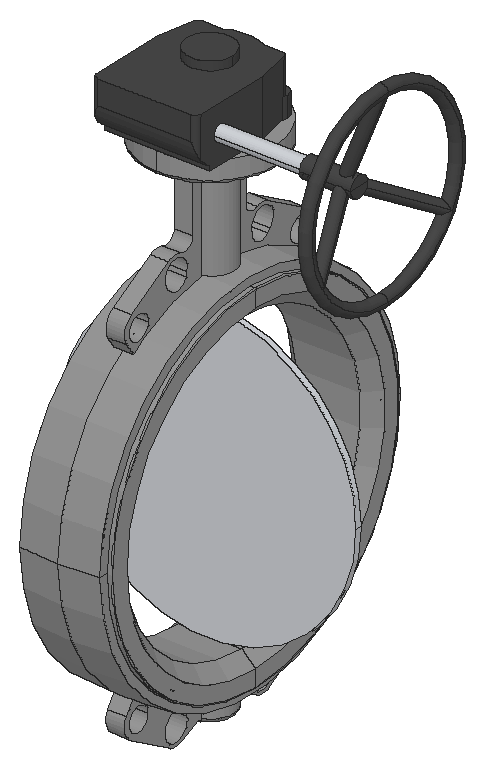
Revit family "Запорно-регулирующая заслонка с ручным редукторным приводом ZF-4219", category Rohrzubehör, Revit 2020 (continued)
Automatic sketch dimensions
  Extrusion 8 sketch curve to Extrusion 8 sketch curve = 29.859 mm
  Extrusion 8 sketch curve to Extrusion 8 sketch curve = 11.576 mm
  Extrusion 8 sketch curve to Extrusion 8 sketch curve = 0.007 mm  (x2)
  Extrusion 8 sketch curve to Extrusion 8 sketch curve = 11.662 mm  (x2)
  Extrusion 8 sketch curve to Extrusion 8 sketch curve = 7.405 mm
  Extrusion 8 sketch curve to Extrusion 8 sketch curve = 9.76 mm  (x2)
  Extrusion 8 sketch curve to Extrusion 8 sketch curve = 46.144 mm
  Extrusion 8 sketch curve to Extrusion 8 sketch curve = 0.006 mm
  Extrusion 8 sketch curve to Extrusion 8 sketch curve = 0.159 mm  (x2)
  Extrusion 8 sketch curve to Extrusion 8 sketch curve = 0.225 mm  (x2)
  Extrusion 8 sketch curve to Extrusion 8 sketch curve = 3.156 mm
  Extrusion 7 sketch curve to Extrusion 7 sketch curve = 0 mm  (x29)
  Extrusion 7 sketch curve to level = 0 mm
  Extrusion 7 sketch curve to plane 1 "Mitte (Vorne/hinten)" = 0 mm
  Extrusion 7 sketch curve to Extrusion 7 sketch curve = 4.987 mm  (x2)
  plane 1 "Mitte (Vorne/hinten)" to Extrusion 7 sketch curve = 42.642 mm
  Extrusion 7 sketch curve to Extrusion 7 sketch curve = 3.28 mm  (x2)
  Extrusion 7 sketch curve to Extrusion 7 sketch curve = 14.935 mm  (x2)
  Extrusion 7 sketch curve to Extrusion 7 sketch curve = 11.589 mm  (x2)
  Extrusion 7 sketch curve to Extrusion 7 sketch curve = 14.868 mm  (x2)
  Extrusion 7 sketch curve to Extrusion 7 sketch curve = 33.628 mm  (x4)
  Extrusion 7 sketch curve to Extrusion 7 sketch curve = 3.946 mm  (x4)
  Extrusion 7 sketch curve to Extrusion 7 sketch curve = 12.021 mm  (x8)
  Extrusion 7 sketch curve to Extrusion 7 sketch curve = 8.075 mm  (x8)
  plane 1 "Mitte (Vorne/hinten)" to Extrusion 7 sketch curve = 21.03 mm
  Extrusion 7 sketch curve to Extrusion 7 sketch curve = 5.5 mm
  Extrusion 7 sketch curve to Extrusion 7 sketch curve = 0.54 mm  (x2)
  Extrusion 7 sketch curve to Extrusion 7 sketch curve = 0.103 mm
  Extrusion 7 sketch curve to Extrusion 7 sketch curve = 1.99 mm  (x2)
  plane 1 "Mitte (Vorne/hinten)" to Extrusion 7 sketch curve = 18.5 mm
  Extrusion 7 sketch curve to plane 1 "Mitte (Vorne/hinten)" = 18.5 mm  (x2)
  Extrusion 7 sketch curve to Extrusion 7 sketch curve = 1.897 mm
  Extrusion 7 sketch curve to Extrusion 7 sketch curve = 2 mm
  Extrusion 7 sketch curve to Extrusion 7 sketch curve = 21.612 mm
  Extrusion 7 sketch curve to level = 59.454 mm  (x2)
  Extrusion 7 sketch curve to Extrusion 7 sketch curve = 10.049 mm  (x4)
  Extrusion 7 sketch curve to Extrusion 7 sketch curve = 20.666 mm  (x2)
  Extrusion 7 sketch curve to Extrusion 7 sketch curve = 1.725 mm  (x2)
  Extrusion 7 sketch curve to Extrusion 7 sketch curve = 12.438 mm  (x4)
  level to Extrusion 7 sketch curve = 59.454 mm  (x2)
  Extrusion 7 sketch curve to Extrusion 7 sketch curve = 15.768 mm  (x2)
  Extrusion 7 sketch curve to Extrusion 7 sketch curve = 0.361 mm  (x2)
  Extrusion 7 sketch curve to Extrusion 7 sketch curve = 69.242 mm
  Extrusion 7 sketch curve to Extrusion 7 sketch curve = 0.014 mm
  Extrusion 7 sketch curve to Extrusion 7 sketch curve = 0.29 mm  (x2)
  Extrusion 6 sketch curve to Extrusion 6 sketch curve = 0 mm  (x31)
  Extrusion 6 sketch curve to level = 0 mm
  Extrusion 6 sketch curve to plane 1 "Mitte (Vorne/hinten)" = 0 mm
  plane 1 "Mitte (Vorne/hinten)" to Extrusion 6 sketch curve = 18.5 mm  (x2)
  Extrusion 6 sketch curve to Extrusion 6 sketch curve = 1.897 mm  (x2)
  Extrusion 6 sketch curve to Extrusion 6 sketch curve = 2 mm
  Extrusion 6 sketch curve to Extrusion 6 sketch curve = 4.154 mm  (x2)
  Extrusion 6 sketch curve to Extrusion 6 sketch curve = 5.603 mm
  Extrusion 6 sketch curve to Extrusion 6 sketch curve = 12 mm  (x2)
  Extrusion 6 sketch curve to Extrusion 6 sketch curve = 21.682 mm  (x2)
  Extrusion 6 sketch curve to Extrusion 6 sketch curve = 2.182 mm  (x2)
  Extrusion 6 sketch curve to Extrusion 6 sketch curve = 11.109 mm  (x4)
  Extrusion 6 sketch curve to Extrusion 6 sketch curve = 30.529 mm  (x4)
  Extrusion 6 sketch curve to Extrusion 6 sketch curve = 4.781 mm  (x4)
  Extrusion 6 sketch curve to Extrusion 6 sketch curve = 1.414 mm  (x8)
  Extrusion 6 sketch curve to Extrusion 6 sketch curve = 7.24 mm  (x8)
  Extrusion 6 sketch curve to Extrusion 6 sketch curve = 12.021 mm  (x8)
  Extrusion 6 sketch curve to plane 1 "Mitte (Vorne/hinten)" = 18.5 mm
  Extrusion 6 sketch curve to Extrusion 6 sketch curve = 7.5 mm
  Extrusion 6 sketch curve to Extrusion 6 sketch curve = 0.103 mm
  Extrusion 6 sketch curve to level = 50.036 mm  (x2)
  Extrusion 6 sketch curve to Extrusion 6 sketch curve = 17.112 mm  (x2)
  Extrusion 6 sketch curve to Extrusion 6 sketch curve = 9.185 mm  (x4)
  Extrusion 6 sketch curve to Extrusion 6 sketch curve = 20.608 mm  (x2)
  Extrusion 6 sketch curve to Extrusion 6 sketch curve = 12.868 mm  (x3)
  Extrusion 6 sketch curve to Extrusion 6 sketch curve = 9.096 mm  (x2)
  level to Extrusion 6 sketch curve = 50.036 mm  (x2)
  Extrusion 6 sketch curve to Extrusion 6 sketch curve = 17 mm
  Extrusion 6 sketch curve to Extrusion 6 sketch curve = 56.845 mm
  Extrusion 6 sketch curve to Extrusion 6 sketch curve = 0.017 mm
  Extrusion 6 sketch curve to Extrusion 6 sketch curve = 0.29 mm  (x2)
  Extrusion 5 sketch curve to Extrusion 5 sketch curve = 0 mm  (x25)
  Extrusion 5 sketch curve to level = 0 mm
  Extrusion 5 sketch curve to plane 1 "Mitte (Vorne/hinten)" = 0 mm
  plane 1 "Mitte (Vorne/hinten)" to Extrusion 5 sketch curve = 18.5 mm  (x2)
  Extrusion 5 sketch curve to Extrusion 5 sketch curve = 0.579 mm  (x2)
  Extrusion 5 sketch curve to Extrusion 5 sketch curve = 1.897 mm  (x2)
  Extrusion 5 sketch curve to Extrusion 5 sketch curve = 0.103 mm
  Extrusion 5 sketch curve to Extrusion 5 sketch curve = 5.603 mm
  Extrusion 5 sketch curve to Extrusion 5 sketch curve = 15.942 mm  (x4)
  Extrusion 5 sketch curve to Extrusion 5 sketch curve = 13 mm  (x2)
  Extrusion 5 sketch curve to Extrusion 5 sketch curve = 11.367 mm  (x4)
  Extrusion 5 sketch curve to Extrusion 5 sketch curve = 25.663 mm  (x4)
  Extrusion 5 sketch curve to Extrusion 5 sketch curve = 4.027 mm  (x4)
  Extrusion 5 sketch curve to Extrusion 5 sketch curve = 12.021 mm  (x5)
  Extrusion 5 sketch curve to Extrusion 5 sketch curve = 9.55 mm  (x4)
  Extrusion 5 sketch curve to Extrusion 5 sketch curve = 7.5 mm
  Extrusion 5 sketch curve to plane 1 "Mitte (Vorne/hinten)" = 18.5 mm  (x2)
  Extrusion 5 sketch curve to Extrusion 5 sketch curve = 2 mm
  Extrusion 5 sketch curve to level = 38.887 mm  (x2)
  Extrusion 5 sketch curve to Extrusion 5 sketch curve = 10.986 mm  (x3)
  Extrusion 5 sketch curve to Extrusion 5 sketch curve = 10.231 mm  (x3)
  Extrusion 5 sketch curve to Extrusion 5 sketch curve = 10.467 mm  (x4)
  Extrusion 5 sketch curve to Extrusion 5 sketch curve = 12.18 mm  (x2)
  Extrusion 5 sketch curve to Extrusion 5 sketch curve = 12.641 mm  (x4)
  Extrusion 5 sketch curve to Extrusion 5 sketch curve = 9.983 mm  (x2)
  level to Extrusion 5 sketch curve = 38.887 mm  (x2)
  Extrusion 5 sketch curve to Extrusion 5 sketch curve = 21.217 mm
  Extrusion 5 sketch curve to Extrusion 5 sketch curve = 16.969 mm  (x2)
  Extrusion 5 sketch curve to Extrusion 5 sketch curve = 51.117 mm
  Extrusion 5 sketch curve to Extrusion 5 sketch curve = 0.01 mm
  Extrusion 5 sketch curve to Extrusion 5 sketch curve = 0.29 mm  (x2)
  level to Extrusion 5 sketch curve = 49.873 mm
  Extrusion 4 sketch curve to Extrusion 4 sketch curve = 0 mm  (x28)
  Extrusion 4 sketch curve to level = 0 mm
  Extrusion 4 sketch curve to plane 1 "Mitte (Vorne/hinten)" = 0 mm
  plane 1 "Mitte (Vorne/hinten)" to Extrusion 4 sketch curve = 18.5 mm  (x2)
  Extrusion 4 sketch curve to Extrusion 4 sketch curve = 1.897 mm  (x2)
  Extrusion 4 sketch curve to Extrusion 4 sketch curve = 0.103 mm  (x2)
  Extrusion 4 sketch curve to Extrusion 4 sketch curve = 5.603 mm  (x2)
  Extrusion 4 sketch curve to Extrusion 4 sketch curve = 12.115 mm  (x4)
  Extrusion 4 sketch curve to Extrusion 4 sketch curve = 9 mm  (x2)
  Extrusion 4 sketch curve to Extrusion 4 sketch curve = 11.39 mm  (x2)
  Extrusion 4 sketch curve to Extrusion 4 sketch curve = 7.005 mm  (x2)
  Extrusion 4 sketch curve to Extrusion 4 sketch curve = 22.772 mm  (x4)
  Extrusion 4 sketch curve to Extrusion 4 sketch curve = 4.597 mm  (x4)
  Extrusion 4 sketch curve to Extrusion 4 sketch curve = 1.485 mm  (x4)
  Extrusion 4 sketch curve to Extrusion 4 sketch curve = 12.021 mm  (x4)
  Extrusion 4 sketch curve to Extrusion 4 sketch curve = 9.247 mm  (x4)
  Extrusion 4 sketch curve to plane 1 "Mitte (Vorne/hinten)" = 18.5 mm  (x2)
  Extrusion 4 sketch curve to level = 31.935 mm  (x2)
  Extrusion 4 sketch curve to Extrusion 4 sketch curve = 1.34 mm  (x4)
  Extrusion 4 sketch curve to Extrusion 4 sketch curve = 10.245 mm  (x4)
  Extrusion 4 sketch curve to Extrusion 4 sketch curve = 9.866 mm  (x4)
  Extrusion 4 sketch curve to Extrusion 4 sketch curve = 9.447 mm  (x4)
  Extrusion 4 sketch curve to Extrusion 4 sketch curve = 11.077 mm  (x4)
  Extrusion 4 sketch curve to Extrusion 4 sketch curve = 11.926 mm  (x2)
  level to Extrusion 4 sketch curve = 31.935 mm  (x2)
  Extrusion 4 sketch curve to Extrusion 4 sketch curve = 12.62 mm  (x2)
  Extrusion 4 sketch curve to Extrusion 4 sketch curve = 12.99 mm  (x2)
  Extrusion 4 sketch curve to Extrusion 4 sketch curve = 41.354 mm
  Extrusion 4 sketch curve to Extrusion 4 sketch curve = 0.018 mm
  Extrusion 4 sketch curve to Extrusion 4 sketch curve = 0.29 mm  (x2)
  Extrusion 3 sketch curve to Extrusion 3 sketch curve = 0 mm  (x23)
  Extrusion 3 sketch curve to level = 0 mm
  Extrusion 3 sketch curve to plane 1 "Mitte (Vorne/hinten)" = 0 mm
  plane 1 "Mitte (Vorne/hinten)" to Extrusion 3 sketch curve = 18 mm
  Extrusion 3 sketch curve to Extrusion 3 sketch curve = 1.897 mm  (x2)
  Extrusion 3 sketch curve to Extrusion 3 sketch curve = 0.103 mm  (x2)
  plane 1 "Mitte (Vorne/hinten)" to Extrusion 3 sketch curve = 22.391 mm
  Extrusion 3 sketch curve to Extrusion 3 sketch curve = 1.414 mm  (x14)
  Extrusion 3 sketch curve to Extrusion 3 sketch curve = 6.103 mm  (x2)
  Extrusion 3 sketch curve to Extrusion 3 sketch curve = 2 mm  (x2)
  Extrusion 3 sketch curve to Extrusion 3 sketch curve = 7.709 mm  (x4)
  Extrusion 3 sketch curve to Extrusion 3 sketch curve = 13.318 mm  (x5)
  Extrusion 3 sketch curve to Extrusion 3 sketch curve = 15.842 mm  (x5)
  Extrusion 3 sketch curve to Extrusion 3 sketch curve = 10.233 mm
  Extrusion 3 sketch curve to Extrusion 3 sketch curve = 3.184 mm  (x7)
  Extrusion 3 sketch curve to Extrusion 3 sketch curve = 6.315 mm  (x8)
  Extrusion 3 sketch curve to Extrusion 3 sketch curve = 3.021 mm  (x4)
  Extrusion 3 sketch curve to Extrusion 3 sketch curve = 5.303 mm  (x8)
  Extrusion 3 sketch curve to level = 23.805 mm  (x2)
  Extrusion 3 sketch curve to Extrusion 3 sketch curve = 3.106 mm  (x6)
  level to Extrusion 3 sketch curve = 23.805 mm  (x2)
  Extrusion 3 sketch curve to Extrusion 3 sketch curve = 6.654 mm  (x4)
  Extrusion 3 sketch curve to Extrusion 3 sketch curve = 9.77 mm  (x4)
  Extrusion 3 sketch curve to plane 1 "Mitte (Vorne/hinten)" = 18 mm
  Extrusion 3 sketch curve to plane 1 "Mitte (Vorne/hinten)" = 22.391 mm
  Extrusion 3 sketch curve to Extrusion 3 sketch curve = 5.708 mm  (x2)
  Extrusion 3 sketch curve to Extrusion 3 sketch curve = 3.131 mm
  level to Extrusion 3 sketch curve = 42.831 mm
  Extrusion 3 sketch curve to Extrusion 3 sketch curve = 4.045 mm
  Extrusion 3 sketch curve to Extrusion 3 sketch curve = 12.379 mm
  Extrusion 3 sketch curve to Extrusion 3 sketch curve = 68.43 mm
  Extrusion 3 sketch curve to Extrusion 3 sketch curve = 0.003 mm
  Extrusion 3 sketch curve to Extrusion 3 sketch curve = 0.316 mm  (x2)
  curve 12 to level = 0 mm
  curve 12 to plane 3 "Mitte (Links/rechts)" = 0 mm
  plane 1 "Mitte (Vorne/hinten)" to curve 6 = 0 mm
  curve 6 to plane 3 "Mitte (Links/rechts)" = 0 mm
  Revolve 1 sketch curve to plane 1 "Mitte (Vorne/hinten)" = 0 mm
  Revolve 1 sketch curve to Revolve 1 sketch curve = 0.987 mm
  Revolve 1 sketch curve to Revolve 1 sketch curve = 1.5 mm  (x4)
  Revolve 1 sketch curve to Revolve 1 sketch curve = 0.513 mm
  Revolve 1 sketch curve to Revolve 1 sketch curve = 0.915 mm  (x2)
  Revolve 1 sketch curve to Revolve 1 sketch curve = 1978.5 mm  (x2)
  Revolve 11 sketch curve to plane 1 "Mitte (Vorne/hinten)" = 0 mm  (x2)
  Revolve 11 sketch curve to Revolve 11 sketch curve = 3 mm
  Revolve 11 sketch curve to Revolve 11 sketch curve = 459.992 mm
  level to Revolve 11 sketch curve = 2741.474 mm
  Revolve 12 sketch curve to plane 1 "Mitte (Vorne/hinten)" = 0 mm  (x3)
  Revolve 12 sketch curve to Revolve 12 sketch curve = 1.895 mm
  Revolve 12 sketch curve to Revolve 12 sketch curve = 2 mm  (x2)
  Revolve 12 sketch curve to Revolve 12 sketch curve = 0.105 mm
  Revolve 12 sketch curve to level = 520.992 mm
  Revolve 12 sketch curve to Revolve 12 sketch curve = 2616.474 mm
  Revolve 13 sketch curve to level = 0 mm
  Revolve 13 sketch curve to Revolve 13 sketch curve = 1.492 mm
  Revolve 13 sketch curve to Revolve 13 sketch curve = 0.18 mm  (x2)
  Revolve 13 sketch curve to Revolve 13 sketch curve = 5.027 mm
  Revolve 13 sketch curve to Revolve 13 sketch curve = 1 mm
  Revolve 13 sketch curve to Revolve 13 sketch curve = 0.999 mm  (x2)
  Revolve 13 sketch curve to Revolve 13 sketch curve = 0.27 mm
  Revolve 13 sketch curve to Revolve 13 sketch curve = 0.957 mm
  Revolve 13 sketch curve to Revolve 13 sketch curve = 1328.99 mm
  Revolve 13 sketch curve to Revolve 13 sketch curve = 1875.983 mm
  Extrusion 14 sketch curve to level = 0 mm
  Extrusion 14 sketch curve to plane 3 "Mitte (Links/rechts)" = 0 mm
  radius of Extrusion 10 sketch curve = 12 mm  (x4)
  radius of Extrusion 9 sketch curve = 9.5 mm  (x4)
  radius of Extrusion 9 sketch curve = 14 mm  (x4)
  radius of Extrusion 7 sketch curve = 11.5 mm  (x4)
  radius of Extrusion 7 sketch curve = 9.5 mm  (x4)
  radius of Extrusion 6 sketch curve = 9.5 mm  (x8)
  radius of Extrusion 5 sketch curve = 9.5 mm  (x8)
  radius of Extrusion 4 sketch curve = 9.5 mm  (x8)
  radius of curve 12 = 7 mm
  radius of curve 6 = 5 mm
Nested families
  nested 1: "Herz-Logo-vorne" at (-23, 0, 197.5), type "Herz-Logo-vorne"
  nested 2: "Getriebe für Klappe DN50-DN200" at (0, 0, 125), visible <- "DN 50", type "Getriebe für Klappe DN50-DN200"
  nested 3: "Getriebe für Klappe DN50-DN200" at (0, 0, 149.5), visible <- "DN 65", type "Getriebe für Klappe DN50-DN200"
  nested 4: "Getriebe für Klappe DN50-DN200" at (0, 0, 156.5), visible <- "DN 80", type "Getriebe für Klappe DN50-DN200"
  nested 5: "Getriebe für Klappe DN50-DN200" at (0, 0, 182), visible <- "DN100", type "Getriebe für Klappe DN50-DN200"
  nested 6: "Getriebe für Klappe DN50-DN200" at (0, 0, 201), visible <- "DN125", type "Getriebe für Klappe DN50-DN200"
  nested 7: "Getriebe für Klappe DN50-DN200" at (0, 0, 214), visible <- "DN150", type "Getriebe für Klappe DN50-DN200"
  nested 8: "Getriebe für Klappe DN50-DN200" at (0, 0, 245), visible <- "DN200", type "Getriebe für Klappe DN50-DN200"
  nested 9: "Getriebe für Klappe DN250-DN300" at (0, 0, 283), visible <- "DN250", type "Getriebe für Klappe DN250-DN300"
  nested 10: "Getriebe für Klappe DN250-DN300" at (0, 0, 308), visible <- "DN300", type "Getriebe für Klappe DN250-DN300"
Connectors
  piping at (44.7, 0, 0), diameter 300, driven by "Nennweite"
    settings: on Revolve 13, index 1, connector inside diameter 609.6 mm, connector length 0 mm, flow factor 0, pipe flow 0.0 L/s, pressure drop 0.0 Pa, fitting loss kfactor 0, connector angle 0.00°, fixture units 0, engagement length 0 mm, angle of deflection 0.00°, flow configuration 0, flow direction 0, fitting loss method 0, system type 29, joint type 0, gender type 0, connector reference index -1, connector utility 0, adjustable connector no, is connector primary yes, connector description ""
  piping at (-44.7, 0, 0), diameter 300, driven by "Nennweite"
    settings: on Revolve 13, index 2, connector inside diameter 609.6 mm, connector length 0 mm, flow factor 0, pipe flow 0.0 L/s, pressure drop 0.0 Pa, fitting loss kfactor 0, connector angle 0.00°, fixture units 0, engagement length 0 mm, angle of deflection 0.00°, flow configuration 0, flow direction 0, fitting loss method 0, system type 29, joint type 0, gender type 0, connector reference index -1, connector utility 0, adjustable connector no, is connector primary no, connector description ""
Definition of nested family "Herz-Logo-vorne"
  Parameters (values of type "Herz-Logo-vorne")
    Default Elevation = 0 mm
  Reference planes
    plane 1 "Mitte (Vorne/hinten)": y = 0
    plane 2: z = 0
    plane 3 "Mitte (Links/rechts)": x = 0
  Forms (mm)
    Extrusion 1, solid
      sketch origin (0.732, -0.018, 0.017) x (0, -1, 0) y (0, 0, 1)
        loop
          line (-0.018, -4.517) -> (4.482, -4.517) -> (4.482, 4.483) -> (-4.518, 4.483) -> (-4.518, -4.517) -> (-0.018, -4.517)
        loop
          line (-0.05, -3.48) -> (3.482, -3.48) -> (3.482, 3.483) -> (-3.518, 3.483) -> (-3.518, -3.48) -> (-0.05, -3.48)
        loop
          arc (-0.018, 2.383) -> (-1.543, 3.287) -> (-3.067, 2.383) r 1.738
          arc (-3.067, 2.383) -> (-3.191, 1.899) -> (-3.067, 1.415) r 1.009
          line (-3.067, 1.415) -> (-0.018, -3.281) -> (3.032, 1.415)
          arc (3.032, 1.415) -> (3.156, 1.899) -> (3.032, 2.383) r 1.009
          arc (3.032, 2.383) -> (1.507, 3.287) -> (-0.018, 2.383) r 1.738
        loop
          arc (1.885, 1.272) -> (2.005, 1.675) -> (1.885, 2.079) r 0.74
          arc (1.885, 2.079) -> (1.265, 2.416) -> (0.644, 2.079) r 0.74
          line (0.644, 2.079) -> (-0.018, 0.97) -> (-0.679, 2.079)
          arc (-0.679, 2.079) -> (-1.3, 2.416) -> (-1.921, 2.079) r 0.74
          arc (-1.921, 2.079) -> (-2.04, 1.675) -> (-1.921, 1.272) r 0.74
          line (-1.921, 1.272) -> (-0.018, -1.658) -> (1.885, 1.272)
      from 0 to 1.5
  Dimensions and locks
    aligned and locked: level to plane 2
Definition of nested family "Getriebe für Klappe DN50-DN200"
  Parameters (values of type "Getriebe für Klappe DN50-DN200")
    W01 = 11.19°  # constant formula
    Default Elevation = 0 mm
    URL = "www.herz-armaturen.at"
    R07 = 92 mm  # constant formula
    R06 = 6 mm  # constant formula
    R05 = 10 mm  # constant formula
    R04 = 7.5 mm  # constant formula
    R03 = 10.5 mm  # constant formula
    R02 = 5.4 mm  # constant formula
    R01 = 44.9 mm  # constant formula
    M01 = 37 mm  # constant formula
    L03 = 52 mm  # constant formula
    L02 = 39.6 mm  # constant formula
    L01 = 80 mm  # constant formula
    Manufacturer = "Herz-Armaturen GmbH"  # constant formula
    H03 = 28.6 mm  # constant formula
    H02 = 20 mm  # constant formula
    H01 = 54 mm  # constant formula
    B05 = 209 mm  # constant formula
    B04 = 22 mm  # constant formula
    B03 = 50 mm  # constant formula
    B02 = 159 mm  # constant formula
    B01 = 51 mm  # constant formula
    A01 = 28.6 mm  # constant formula
  Reference planes
    plane 1 "Mitte (Vorne/hinten)": y = 0
    plane 2: z = 0
    plane 3 "Mitte (Links/rechts)": x = 0
  Forms (mm)
    Extrusion 1, solid, detail levels fine
      sketch origin (0, 0, 0) x (1, 0, 0) y (0, 1, 0)
        loop
          line (51, 0) -> (43.999, 35.392)
          arc (43.999, 35.392) -> (42.103, 38.419) -> (38.732, 39.6) r 5.4
          line (38.732, 39.6) -> (20.252, 39.6)
          arc (20.252, 39.6) -> (0, 44.427) -> (-20.252, 39.6) r 44.9
          line (-20.252, 39.6) -> (-38.732, 39.6)
          arc (-38.732, 39.6) -> (-42.103, 38.419) -> (-43.999, 35.392) r 5.4
          line (-43.999, 35.392) -> (-51, 0) -> (-51, -74.6)
          arc (-51, -74.6) -> (-49.418, -78.418) -> (-45.6, -80) r 5.4
          line (-45.6, -80) -> (45.6, -80)
          arc (45.6, -80) -> (49.418, -78.418) -> (51, -74.6) r 5.4
          line (51, -74.6) -> (51, 0)
      from 0 to 54
    Extrusion 2, solid, detail levels fine
      sketch origin (0, 0, 0) x (1, 0, 0) y (0, 1, 0)
        loop
          circle (-35.7, 37) r 10.5
        loop
          circle (35.7, 37) r 10.5
      from 0 to 20
    Extrusion 3, void
      sketch origin (0, 0, 0) x (0, 1, 0) y (0, 0, 1)
        loop
          line (-80, 0) -> (-64.573, 0) -> (-64.573, 4.9)
          arc (-64.573, 4.9) -> (-75.841, 15.433) -> (-80, 30.286) r 28.6
          line (-80, 30.286) -> (-80, 0)
      from -51 to 51
    Revolve 4, solid, detail levels fine
      sketch origin (0, 0, 28.6) x (1, 0, 0) y (0, 1, 0)
        loop
          line (0, -52) -> (0, -59.5) -> (159, -59.5) -> (159, -52) -> (0, -52)
        axis (0, -52) -> (159, -52)
      angle from 0 to 360
    Extrusion 5, solid, detail levels fine
      sketch origin (0, 0, 0) x (1, 0, 0) y (0, 1, 0)
        loop
          circle (0, 0) r 22.3
      from 54 to 63
    Revolve 6, solid, detail levels fine
      sketch origin (0, -52, 28.6) x (1, 0, 0) y (0, 0, 1)
        loop
          circle (209, 92) r 6
        axis (203, 0) -> (215, 0)
      angle from 0 to 360
    Revolve 7, solid, detail levels fine
      sketch origin (0, -52, 0) x (1, 0, 0) y (0, 0, 1)
        loop
          line (209, 120.6) -> (172, 28.6) -> (177.567, 26.361) -> (214.567, 118.361) -> (209, 120.6)
        axis (172, 28.6) -> (209, 120.6)
      angle from 0 to 360
    Revolve 8, solid, detail levels fine
      sketch origin (0, 0, 28.6) x (1, 0, 0) y (0, 1, 0)
        loop
          line (137, -59.5) -> (137, -62) -> (187, -62) -> (187, -52) -> (159, -52) -> (159, -59.5) -> (137, -59.5)
        axis (137, -52) -> (187, -52)
      angle from 0 to 360
    Revolve 9, solid, detail levels fine
      sketch origin (0, -27.232, 42.9) x (1, 0, 0) y (0, -0.866025, -0.5)
        loop
          line (209, 120.6) -> (172, 28.6) -> (177.567, 26.361) -> (214.567, 118.361) -> (209, 120.6)
        axis (172, 28.6) -> (209, 120.6)
      angle from 0 to 360
    Revolve 10, solid, detail levels fine
      sketch origin (0, -76.768, 42.9) x (1, 0, 0) y (0, 0.866025, -0.5)
        loop
          line (209, 120.6) -> (172, 28.6) -> (177.567, 26.361) -> (214.567, 118.361) -> (209, 120.6)
        axis (172, 28.6) -> (209, 120.6)
      angle from 0 to 360
  Cuts and joins
    Extrusion 3 cuts Extrusion 1
  Dimensions and locks
    "B01": Extrusion 1 sketch curve to plane 3 "Mitte (Links/rechts)"
    "B01": plane 3 "Mitte (Links/rechts)" to Extrusion 1 sketch curve
    "L02": plane 1 "Mitte (Vorne/hinten)" to Extrusion 1 sketch curve  (x2)
    "L01": Extrusion 1 sketch curve to plane 1 "Mitte (Vorne/hinten)"
    "M01": plane 1 "Mitte (Vorne/hinten)" to Extrusion 2 sketch curve  (x2)
    "H01": Extrusion 1 to plane 2
    "H02": Extrusion 2 to plane 2
    "L03": Revolve 4 sketch curve to plane 1 "Mitte (Vorne/hinten)"
    "R04": Revolve 4 sketch curve to Revolve 4 sketch curve
    "B02": Revolve 4 sketch curve to Revolve 4 sketch curve
    "H03": Revolve 8 to plane 2
    "H03": Revolve 4 to plane 2
    "L03": Revolve 8 sketch curve to plane 1 "Mitte (Vorne/hinten)"
    "B02": plane 3 "Mitte (Links/rechts)" to Revolve 8 sketch curve
    "R05": Revolve 8 sketch curve to Revolve 8 sketch curve
    "B03": Revolve 8 sketch curve to Revolve 8 sketch curve
    "B04": Revolve 8 sketch curve to Revolve 8 sketch curve
    "R04": Revolve 8 sketch curve to Revolve 8 sketch curve
    "B05": Revolve 6 sketch curve to plane 3 "Mitte (Links/rechts)"
    "R07": Revolve 6 sketch curve to Revolve 6 sketch curve
    "A01": plane 2 to Revolve 6 sketch curve
    "R02": radius of Extrusion 1 sketch curve  (x4)
    "R01": radius of Extrusion 1 sketch curve
    "R03": radius of Extrusion 2 sketch curve  (x2)
    "R06": radius of Revolve 6 sketch curve
    "W01": angle Extrusion 1 sketch curve to Extrusion 1 sketch curve  (x2)
    aligned and locked: level to plane 2
  Automatic sketch dimensions
    Extrusion 3 sketch curve to level = 0 mm
    plane 1 "Mitte (Vorne/hinten)" to Extrusion 3 sketch curve = 80 mm
    Extrusion 3 sketch curve to Extrusion 3 sketch curve = 15.427 mm
    Extrusion 3 sketch curve to Extrusion 3 sketch curve = 13.173 mm
    level to Extrusion 3 sketch curve = 4.9 mm
    plane 1 "Mitte (Vorne/hinten)" to Extrusion 5 sketch curve = 0 mm
    Extrusion 5 sketch curve to plane 3 "Mitte (Links/rechts)" = 0 mm
    level to Revolve 7 sketch curve = 28.6 mm  (x2)
    plane 3 "Mitte (Links/rechts)" to Revolve 7 sketch curve = 172 mm
    level to Revolve 7 sketch curve = 26.361 mm
    Revolve 7 sketch curve to Revolve 7 sketch curve = 5.567 mm
    level to Revolve 7 sketch curve = 120.6 mm
    Revolve 7 sketch curve to Revolve 7 sketch curve = 0 mm  (x3)
    plane 3 "Mitte (Links/rechts)" to Revolve 10 sketch curve = 172 mm
    Revolve 10 sketch curve to Revolve 10 sketch curve = 5.567 mm
    Revolve 10 sketch curve to Revolve 10 sketch curve = 37 mm
    Revolve 10 sketch curve to Revolve 10 sketch curve = 2.239 mm
    Revolve 10 sketch curve to Revolve 10 sketch curve = 0 mm  (x4)
    plane 3 "Mitte (Links/rechts)" to Revolve 9 sketch curve = 172 mm
    Revolve 9 sketch curve to Revolve 9 sketch curve = 5.567 mm
    Revolve 9 sketch curve to Revolve 9 sketch curve = 37 mm
    Revolve 9 sketch curve to Revolve 9 sketch curve = 2.239 mm
    Revolve 9 sketch curve to Revolve 9 sketch curve = 0 mm  (x4)
    Extrusion 1 sketch curve to plane 3 "Mitte (Links/rechts)" = 0 mm
    plane 1 "Mitte (Vorne/hinten)" to Extrusion 1 sketch curve = 0 mm  (x2)
    Extrusion 1 sketch curve to plane 1 "Mitte (Vorne/hinten)" = 35.392 mm
    Extrusion 1 sketch curve to Extrusion 1 sketch curve = 18.48 mm  (x2)
    Extrusion 2 sketch curve to plane 3 "Mitte (Links/rechts)" = 35.7 mm
    plane 3 "Mitte (Links/rechts)" to Extrusion 2 sketch curve = 35.7 mm
    Revolve 4 sketch curve to plane 3 "Mitte (Links/rechts)" = 0 mm  (x2)
    Revolve 4 sketch curve to Revolve 4 sketch curve = 0 mm  (x2)
    Revolve 6 sketch curve to plane 3 "Mitte (Links/rechts)" = 1506.53 mm
    Revolve 6 sketch curve to Revolve 6 sketch curve = 1630.148 mm
    Revolve 8 sketch curve to Revolve 8 sketch curve = 7.5 mm
    Revolve 8 sketch curve to Revolve 8 sketch curve = 0 mm  (x2)
    radius of Extrusion 5 sketch curve = 22.3 mm
Definition of nested family "Getriebe für Klappe DN250-DN300"
  Parameters (values of type "Getriebe für Klappe DN250-DN300")
    W01 = 11.19°  # constant formula
    Default Elevation = 0 mm
    URL = "www.herz-armaturen.at"
    R07 = 92 mm  # constant formula
    R06 = 6 mm  # constant formula
    R05 = 10 mm  # constant formula
    R04 = 7.5 mm  # constant formula
    R03 = 10.5 mm  # constant formula
    R02 = 5.4 mm  # constant formula
    R01 = 44.9 mm  # constant formula
    M01 = 37 mm  # constant formula
    L03 = 52 mm  # constant formula
    L02 = 39.6 mm  # constant formula
    L01 = 80 mm  # constant formula
    Manufacturer = "Herz-Armaturen GmbH"  # constant formula
    H03 = 28.6 mm  # constant formula
    H02 = 20 mm  # constant formula
    H01 = 54 mm  # constant formula
    B05 = 209 mm  # constant formula
    B04 = 22 mm  # constant formula
    B03 = 50 mm  # constant formula
    B02 = 159 mm  # constant formula
    B01 = 51 mm  # constant formula
    A01 = 28.6 mm  # constant formula
  Reference planes
    plane 1 "Mitte (Vorne/hinten)": y = 0
    plane 2: z = 0
    plane 3 "Mitte (Links/rechts)": x = 0
  Forms (mm)
    Extrusion 1, solid, detail levels fine
      sketch origin (0, 0, 0) x (1, 0, 0) y (0, 1, 0)
        loop
          line (51, 0) -> (43.999, 35.392)
          arc (43.999, 35.392) -> (42.103, 38.419) -> (38.732, 39.6) r 5.4
          line (38.732, 39.6) -> (20.252, 39.6)
          arc (20.252, 39.6) -> (0, 44.427) -> (-20.252, 39.6) r 44.9
          line (-20.252, 39.6) -> (-38.732, 39.6)
          arc (-38.732, 39.6) -> (-42.103, 38.419) -> (-43.999, 35.392) r 5.4
          line (-43.999, 35.392) -> (-51, 0) -> (-51, -74.6)
          arc (-51, -74.6) -> (-49.418, -78.418) -> (-45.6, -80) r 5.4
          line (-45.6, -80) -> (45.6, -80)
          arc (45.6, -80) -> (49.418, -78.418) -> (51, -74.6) r 5.4
          line (51, -74.6) -> (51, 0)
      from 0 to 54
    Extrusion 2, solid, detail levels fine
      sketch origin (0, 0, 0) x (1, 0, 0) y (0, 1, 0)
        loop
          circle (-35.7, 37) r 10.5
        loop
          circle (35.7, 37) r 10.5
      from 0 to 20
    Extrusion 3, void
      sketch origin (0, 0, 0) x (0, 1, 0) y (0, 0, 1)
        loop
          line (-80, 0) -> (-64.573, 0) -> (-64.573, 4.9)
          arc (-64.573, 4.9) -> (-75.841, 15.433) -> (-80, 30.286) r 28.6
          line (-80, 30.286) -> (-80, 0)
      from -51 to 51
    Revolve 4, solid, detail levels fine
      sketch origin (0, 0, 28.6) x (1, 0, 0) y (0, 1, 0)
        loop
          line (0, -52) -> (0, -59.5) -> (159, -59.5) -> (159, -52) -> (0, -52)
        axis (0, -52) -> (159, -52)
      angle from 0 to 360
    Extrusion 5, solid, detail levels fine
      sketch origin (0, 0, 0) x (1, 0, 0) y (0, 1, 0)
        loop
          circle (0, 0) r 22.3
      from 54 to 62.5
    Revolve 6, solid, detail levels fine
      sketch origin (0, -52, 28.6) x (1, 0, 0) y (0, 0, 1)
        loop
          circle (209, 92) r 6
        axis (203, 0) -> (215, 0)
      angle from 0 to 360
    Revolve 7, solid, detail levels fine
      sketch origin (0, -52, 0) x (1, 0, 0) y (0, 0, 1)
        loop
          line (209, 120.6) -> (172, 28.6) -> (177.567, 26.361) -> (214.567, 118.361) -> (209, 120.6)
        axis (172, 28.6) -> (209, 120.6)
      angle from 0 to 360
    Revolve 8, solid, detail levels fine
      sketch origin (0, 0, 28.6) x (1, 0, 0) y (0, 1, 0)
        loop
          line (137, -59.5) -> (137, -62) -> (187, -62) -> (187, -52) -> (159, -52) -> (159, -59.5) -> (137, -59.5)
        axis (137, -52) -> (187, -52)
      angle from 0 to 360
    Revolve 9, solid, detail levels fine
      sketch origin (0, -27.232, 42.9) x (1, 0, 0) y (0, -0.866025, -0.5)
        loop
          line (209, 120.6) -> (172, 28.6) -> (177.567, 26.361) -> (214.567, 118.361) -> (209, 120.6)
        axis (172, 28.6) -> (209, 120.6)
      angle from 0 to 360
    Revolve 10, solid, detail levels fine
      sketch origin (0, -76.768, 42.9) x (1, 0, 0) y (0, 0.866025, -0.5)
        loop
          line (209, 120.6) -> (172, 28.6) -> (177.567, 26.361) -> (214.567, 118.361) -> (209, 120.6)
        axis (172, 28.6) -> (209, 120.6)
      angle from 0 to 360
  Cuts and joins
    Extrusion 3 cuts Extrusion 1
  Dimensions and locks
    "B01": Extrusion 1 sketch curve to plane 3 "Mitte (Links/rechts)"
    "B01": plane 3 "Mitte (Links/rechts)" to Extrusion 1 sketch curve
    "L02": plane 1 "Mitte (Vorne/hinten)" to Extrusion 1 sketch curve  (x2)
    "L01": Extrusion 1 sketch curve to plane 1 "Mitte (Vorne/hinten)"
    "M01": plane 1 "Mitte (Vorne/hinten)" to Extrusion 2 sketch curve  (x2)
    "H01": Extrusion 1 to plane 2
    "H02": Extrusion 2 to plane 2
    "L03": Revolve 4 sketch curve to plane 1 "Mitte (Vorne/hinten)"
    "R04": Revolve 4 sketch curve to Revolve 4 sketch curve
    "B02": Revolve 4 sketch curve to Revolve 4 sketch curve
    "H03": Revolve 8 to plane 2
    "H03": Revolve 4 to plane 2
    "L03": Revolve 8 sketch curve to plane 1 "Mitte (Vorne/hinten)"
    "B02": plane 3 "Mitte (Links/rechts)" to Revolve 8 sketch curve
    "R05": Revolve 8 sketch curve to Revolve 8 sketch curve
    "B03": Revolve 8 sketch curve to Revolve 8 sketch curve
    "B04": Revolve 8 sketch curve to Revolve 8 sketch curve
    "R04": Revolve 8 sketch curve to Revolve 8 sketch curve
    "B05": Revolve 6 sketch curve to plane 3 "Mitte (Links/rechts)"
    "R07": Revolve 6 sketch curve to Revolve 6 sketch curve
    "A01": plane 2 to Revolve 6 sketch curve
    "R02": radius of Extrusion 1 sketch curve  (x4)
    "R01": radius of Extrusion 1 sketch curve
    "R03": radius of Extrusion 2 sketch curve  (x2)
    "R06": radius of Revolve 6 sketch curve
    "W01": angle Extrusion 1 sketch curve to Extrusion 1 sketch curve  (x2)
    aligned and locked: level to plane 2
  Automatic sketch dimensions
    Extrusion 3 sketch curve to level = 0 mm
    plane 1 "Mitte (Vorne/hinten)" to Extrusion 3 sketch curve = 80 mm
    Extrusion 3 sketch curve to Extrusion 3 sketch curve = 15.427 mm
    Extrusion 3 sketch curve to Extrusion 3 sketch curve = 13.173 mm
    level to Extrusion 3 sketch curve = 4.9 mm
    plane 1 "Mitte (Vorne/hinten)" to Extrusion 5 sketch curve = 0 mm
    Extrusion 5 sketch curve to plane 3 "Mitte (Links/rechts)" = 0 mm
    level to Revolve 7 sketch curve = 28.6 mm  (x2)
    plane 3 "Mitte (Links/rechts)" to Revolve 7 sketch curve = 172 mm
    level to Revolve 7 sketch curve = 26.361 mm
    Revolve 7 sketch curve to Revolve 7 sketch curve = 5.567 mm
    level to Revolve 7 sketch curve = 120.6 mm
    Revolve 7 sketch curve to Revolve 7 sketch curve = 0 mm  (x3)
    plane 3 "Mitte (Links/rechts)" to Revolve 10 sketch curve = 172 mm
    Revolve 10 sketch curve to Revolve 10 sketch curve = 5.567 mm
    Revolve 10 sketch curve to Revolve 10 sketch curve = 37 mm
    Revolve 10 sketch curve to Revolve 10 sketch curve = 2.239 mm
    Revolve 10 sketch curve to Revolve 10 sketch curve = 0 mm  (x4)
    plane 3 "Mitte (Links/rechts)" to Revolve 9 sketch curve = 172 mm
    Revolve 9 sketch curve to Revolve 9 sketch curve = 5.567 mm
    Revolve 9 sketch curve to Revolve 9 sketch curve = 37 mm
    Revolve 9 sketch curve to Revolve 9 sketch curve = 2.239 mm
    Revolve 9 sketch curve to Revolve 9 sketch curve = 0 mm  (x4)
    Extrusion 1 sketch curve to plane 3 "Mitte (Links/rechts)" = 0 mm
    plane 1 "Mitte (Vorne/hinten)" to Extrusion 1 sketch curve = 0 mm  (x2)
    Extrusion 1 sketch curve to plane 1 "Mitte (Vorne/hinten)" = 35.392 mm
    Extrusion 1 sketch curve to Extrusion 1 sketch curve = 18.48 mm  (x2)
    Extrusion 2 sketch curve to plane 3 "Mitte (Links/rechts)" = 35.7 mm
    plane 3 "Mitte (Links/rechts)" to Extrusion 2 sketch curve = 35.7 mm
    Revolve 4 sketch curve to plane 3 "Mitte (Links/rechts)" = 0 mm  (x2)
    Revolve 4 sketch curve to Revolve 4 sketch curve = 0 mm  (x2)
    Revolve 6 sketch curve to plane 3 "Mitte (Links/rechts)" = 1506.53 mm
    Revolve 6 sketch curve to Revolve 6 sketch curve = 1630.148 mm
    Revolve 8 sketch curve to Revolve 8 sketch curve = 7.5 mm
    Revolve 8 sketch curve to Revolve 8 sketch curve = 0 mm  (x2)
    radius of Extrusion 5 sketch curve = 22.3 mm
